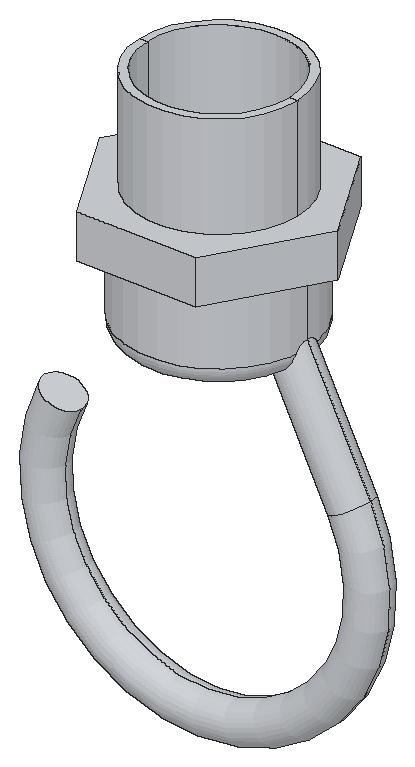
Revit family "MHM1G", category Generic Models, Revit 2017
Family settings
  Can host rebar = No
  Round Connector Dimension = Use Diameter
  Part Type = Normal
  Work Plane-Based = Yes
  Always vertical = No
  Cut with Voids When Loaded = No
  Shared = No
  Room Calculation Point = No
Parameters (values of type "NBS Standard Parameters")
  Weight = "0.104"
  WarrantyStartDate [instance] = "1900-12-31T23:59:59"
  WarrantyGuarantorParts = "n/a"
  WarrantyGuarantorLabor = "n/a"
  WarrantyDurationUnit = "1 year"
  WarrantyDurationParts = "n/a"
  WarrantyDurationLabor = "n/a"
  WarrantyDescription = "n/a"
  Version = "1"
  Uniclass2 = "Pr_65_70_11_20"
  TagNumber [instance] = "n/a"
  SustainabilityPerformance = "n/a"
  Size = "20mm"
  Shape = "Circular"
  SerialNumber [instance] = "n/a"
  Revision = "n/a"
  ReplacementCost = "n/a"
  ProductInformation = "www.metpro.co.uk/pdf/mhm1g.pdf"
  NominalWidth = 26.8 mm
  NominalLength = 26.8 mm
  NominalHeight = 35 mm
  Name = ""
  NBSTypeID = ""
  NBSReference = "90-55-10/460"
  NBSOfficeMasterTag = ""
  NBSNote = ""
  NBSDescription = "Conduit Fittings"
  NBSCertification = ""
  ModelReference = "MHM1G"
  ModelNumber = "n/a"
  Material = "Malleable Iron"
  ManufacturerURL = "www.metpro.co.uk"
  ManufacturerName = "Metpro Ltd"
  Keynote = "Compliant to LU standard 1-085"
  InstallationDate [instance] = "1900-12-31T23:59:59"
  IfcExportType = ""
  IfcExportAs = ""
  Grade = "n/a"
  Finish = "Galvanised"
  Features = "n/a"
  ExpectedLife = "n/a"
  DurationUnit = "year"
  Description = "MHM1G - 20mm Male Hook"
  Default Elevation = 1219.2 mm
  Constituents = "n/a"
  Color = "n/a"
  CodePerformance = "n/a"
  Category = "n/a"
  BarCode [instance] = "n/a"
  BIMObjectName = "Metpro_Metprolibrary_Conduitfittings_metalcomponents_Steelaccessories"
  Author = "Metpro Ltd"
  AssetType = ""
  AssetIdentifier [instance] = "n/a"
  AccessibilityPerformance = "n/a"
Reference planes
  plane 1 "Center (Front/Back)": y = 0
  plane 2: z = 0
  plane 3 "Center (Left/Right)": x = 0
Forms (mm)
  Revolve 1, solid
    sketch origin (0, 5162.466, 5271.048) x (0, 0, -1) y (-1, 0, 0)
      loop
        line (5131.808, 100.3) -> (5146.808, 100.3) -> (5146.808, 99.095) -> (5159.409, 99.095)
        arc (5159.409, 99.095) -> (5161.105, 99.798) -> (5161.808, 101.494) r 2.399
        line (5161.808, 101.494) -> (5161.808, 103.423) -> (5160.808, 103.423) -> (5160.808, 101.494)
        arc (5160.808, 101.494) -> (5160.398, 100.505) -> (5159.409, 100.095) r 1.399
        line (5159.409, 100.095) -> (5147.808, 100.095) -> (5147.808, 101.3) -> (5131.808, 101.3) -> (5131.808, 100.3)
      axis (5131.808, 110.3) -> (5161.808, 110.3)
    angle from 0 to 360
  Sweep 2, solid
    path origin (0, 5162.466, 5271.048) x (0, 0, -1) y (-1, 0, 0)
      loop
        line (5159.447, 101.417) -> (5175.152, 93.415)
        arc (5175.152, 93.415) -> (5204.94, 111.67) -> (5175.152, 129.924) r 20.487
    profile origin (-97.416, 5162.466, 103.748) x (-0.891007, 0, -0.45399) y (0, 1, 0)
      loop
        circle (0, 0) r 2.56
  Extrusion 3, solid
    sketch origin (-110.3, 5162.466, 124.24) x (0, -1, 0) y (1, 0, 0)
      loop
        line (-12.995, -7.503) -> (0, -15.006) -> (12.995, -7.503) -> (12.995, 7.503) -> (0, 15.006) -> (-12.995, 7.503) -> (-12.995, -7.503)
      loop
        circle (0, 0) r 9
    from -3.528 to 2
Dimensions and locks
  aligned and locked: level to plane 2
